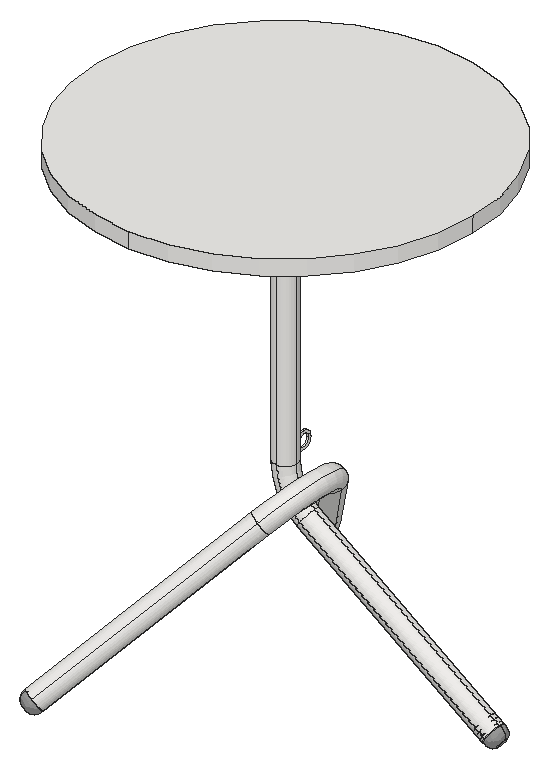
Revit family "FU_Table_Sandler_Momo 1", category Furniture, Revit 2020
Family settings
  OmniClass Number = 23.40.20.00
  OmniClass Title = General Furniture and Specialties
  Work Plane-Based = No
  Always vertical = Yes
  Cut with Voids When Loaded = No
  Shared = No
  Room Calculation Point = No
Parameters (values of type "MOMO TABLE 1-600")
  URL = "https://www.sandlerseating.com/product/momo-table-1-600/"
  Top Type = FU_Table Top_Ta : 600mm Rnd Top
  Top = Metal - Powdercoat - White NCS 0500-N
  Model = "MOMO TABLE 1-600"
  Manufacturer = "Sandler"
  Height = 740 mm
  Frame = Metal - Powdercoat - White NCS 0500-N
  Description = "Dining height table base with 60cm / 24″ diameter folding top. The base is in steel treated with cataphoresis process."
  Default Elevation = 0 mm
Types (5, lengths in mm): name | URL | Top Type | Top | Model | Frame | Description
  (no name) | "https://www.sandlerseating.com/product/momo-table-1-600/" | FU_Table Top_Ta : 600mm Rnd Top | Metal - Powdercoat - White NCS 0500-N | "MOMO TABLE 1-600" | Metal - Powdercoat - White NCS 0500-N | "Dining height table base with 60cm / 24″ diameter folding top. The base is in steel treated with cataphoresis process."
  MOMO TABLE 1-600 | "https://www.sandlerseating.com/product/momo-table-1-600/" | FU_Table Top_Ta : 600mm Rnd Top | Metal - Powdercoat - White NCS 0500-N | "MOMO TABLE 1-600" | Metal - Powdercoat - White NCS 0500-N | "Dining height table base with 60cm / 24″ diameter folding top. The base is in steel treated with cataphoresis process."
  MOMO TABLE 1-700 | "https://www.sandlerseating.com/product/momo-table-1-700/" | FU_Table Top_Ta : 700mm Sqr Top | Metal - Powdercoat - Senf - NCS 2070-Y10R | "MOMO TABLE 1-700" | Metal - Powdercoat - Senf - NCS 2070-Y10R | "Dining height table base with 70cm / 28\". The base is in steel treated with cataphoresis process."
  MOMO TABLE 1Q-600 | "https://www.sandlerseating.com/product/momo-table-1q-600/" | FU_Table Top_Ta-Q : 600mm Sqr Top | Metal - Powdercoat - Dark Green NCS 8010-G10Y | "MOMO TABLE 1Q-600" | Metal - Powdercoat - Dark Green NCS 8010-G10Y | "Dining height table base with 60cm x 60cm / 24″ x 24″ folding top. The base is in steel treated with cataphoresis process."
  MOMO TABLE 1Q-700 | "https://www.sandlerseating.com/product/momo-table-1q-700/" | FU_Table Top_Ta-Q : 700mm Sqr Top | Metal - Powdercoat - Aubergine NCS 5540-Y90R | "MOMO TABLE 1Q-700" | Metal - Powdercoat - Aubergine NCS 5540-Y90R | "Dining height table base with 70cm x 70cm / 28″ x 28″ folding top. The base is in steel treated with cataphoresis process."
Reference planes
  plane 1 "Center (Front/Back)": y = 0
  plane 2: z = 0
  plane 3 "Center (Left/Right)": x = 0
  plane 4 "Right": x = -450
  plane 5 "Left": x = 450
  plane 6 "Back": y = 450
  plane 7 "Front": y = -450
  plane 8 "Height": z = 740
  plane 9 "Base height": z = 716
  plane 10 "Legs C FRONT": through (-166.166, -1524, 17.292) normal (-0.7661, 0, 0.6427)
  plane 11: through (-143.047, -260.076, 1200) normal (-0.7592, 0.6509, 0)
Forms (mm)
  Revolve 1, solid, material "Metal - Powdercoat - White NCS 0500-N" <- "Frame"
    sketch origin (0, 0, -8.364) x (1, 0, 0) y (0, 0, 1)
      loop
        line (-264.8, 724.364) -> (-256.757, 709.294) -> (-251.828, 704.364) -> (-168.655, 685.896) -> (0, 685.896) -> (0, 724.364) -> (-264.8, 724.364)
      axis (0, 724.364) -> (0, 685.896)
    angle from 0 to 360
  Extrusion 2, void
    sketch origin (0, 0, 716) x (-1, 0, 0) y (0, -1, 0)
      loop
        line (201.942, -175.059) -> (112.732, -78.902)
        arc (112.732, -78.902) -> (109.165, -73.056) -> (108.159, -66.282) r 17.222
        line (108.159, -66.282) -> (108.159, 72.69)
        arc (108.159, 72.69) -> (109.53, 79.816) -> (113.448, 85.924) r 19.204
        line (113.448, 85.924) -> (202.439, 182.266) -> (177.636, 205.176) -> (81.282, 115.635)
        arc (81.282, 115.635) -> (75.653, 112.276) -> (69.143, 111.513) r 15.67
        line (69.143, 111.513) -> (-69.143, 111.513)
        arc (-69.143, 111.513) -> (-75.653, 112.276) -> (-81.282, 115.635) r 15.67
        line (-81.282, 115.635) -> (-177.636, 205.176) -> (-202.439, 182.266) -> (-113.448, 85.924)
        arc (-113.448, 85.924) -> (-109.53, 79.816) -> (-108.159, 72.69) r 19.204
        line (-108.159, 72.69) -> (-108.159, -66.282)
        arc (-108.159, -66.282) -> (-109.165, -73.056) -> (-112.732, -78.902) r 17.222
        line (-112.732, -78.902) -> (-201.942, -175.059) -> (-177.703, -199.297) -> (-82.57, -110.587)
        arc (-82.57, -110.587) -> (-76.359, -106.667) -> (-69.143, -105.295) r 19.697
        line (-69.143, -105.295) -> (69.137, -105.295)
        arc (69.137, -105.295) -> (76.356, -106.666) -> (82.57, -110.587) r 19.697
        line (82.57, -110.587) -> (177.703, -199.297) -> (201.942, -175.059)
      loop
        line (-280, 280) -> (-280, -280) -> (280, -280) -> (280, 280) -> (-280, 280)
    from -45 to 0
  Sweep 3, solid, material "Metal - Powdercoat - White NCS 0500-N" <- "Frame"
    path origin (0, 0, 0) x (1, 0, 0) y (0, 0, 1)
      loop
        line (327.164, 18.489) -> (36.213, 220.568)
        arc (36.213, 220.568) -> (9.606, 250.509) -> (0, 289.396) r 83.515
        line (0, 289.396) -> (0, 695.396)
    profile "Pro_Circles : 35mm" origin (181.689, 0, 119.528) x (-0.570453, 0, -0.82133) y (0, -1, 0)
      loop
        arc (-17.467, 0.067) -> (-12.418, -12.323) -> (-0.066, -17.467) r 17.401
        arc (-0.066, -17.467) -> (12.371, -12.371) -> (17.467, 0.067) r 17.401
        arc (17.467, 0.067) -> (12.323, 12.418) -> (-0.067, 17.467) r 17.4
        arc (-0.067, 17.467) -> (-12.37, 12.37) -> (-17.467, 0.067) r 17.4
  Sweep 4, solid, material "Metal - Powdercoat - White NCS 0500-N" <- "Frame"
    path origin (-106.045, 0, 88.959) x (-0.642691, 0, -0.766126) y (0, -1, 0)
      loop
        line (92.044, 285.976) -> (-193.747, 71.734)
        arc (-193.747, 71.734) -> (-229.624, 0) -> (-193.747, -71.734) r 89.652
        line (-193.747, -71.734) -> (92.044, -285.976)
    profile "Pro_Circles : 35mm" origin (-73.363, -178.855, 127.918) x (-0.385499, 0.800135, -0.459537) y (-0.766126, 0, 0.642691)
      loop
        arc (-17.467, 0.067) -> (-12.418, -12.323) -> (-0.066, -17.467) r 17.401
        arc (-0.066, -17.467) -> (12.371, -12.371) -> (17.467, 0.067) r 17.401
        arc (17.467, 0.067) -> (12.323, 12.418) -> (-0.067, 17.467) r 17.4
        arc (-0.067, 17.467) -> (-12.37, 12.37) -> (-17.467, 0.067) r 17.4
  Extrusion 5, solid, material "Metal - Powdercoat - White NCS 0500-N" <- "Frame"
    sketch origin (0, 0, 0) x (0, 1, 0) y (0, 0, 1)
      loop
        line (16.217, 315.041) -> (16.217, 289.396) -> (35.058, 289.396)
        arc (35.058, 289.396) -> (43.543, 292.911) -> (47.058, 301.396) r 12
        line (47.058, 301.396) -> (47.058, 303.041)
        arc (47.058, 303.041) -> (43.543, 311.527) -> (35.058, 315.041) r 12
        line (35.058, 315.041) -> (16.217, 315.041)
      loop
        circle (34.235, 302.219) r 10
    from -1.242 to 1.8
  Revolve 6, solid, material "Rubber, Black"
    sketch origin (0, 0, 0) x (1, 0, 0) y (0, 0, 1)
      loop
        line (311.024, 29.78) -> (303.314, 18.759) -> (303.914, 15.387) -> (307.574, 20.618) -> (310.82, 18.347) -> (308.551, 15.105) -> (309.158, 11.698) -> (312.827, 16.942) -> (316.073, 14.672) -> (313.794, 11.415) -> (314.401, 8.009) -> (318.08, 13.267) -> (321.726, 10.716) -> (317.779, 5.075)
        arc (317.779, 5.075) -> (317.683, 4.669) -> (317.892, 4.308) r 0.564
        arc (317.892, 4.308) -> (326.886, 0.034) -> (336.519, 2.557) r 14.522
        line (336.519, 2.557) -> (340.927, 8.858) -> (311.024, 29.78)
      axis (311.024, 29.78) -> (340.927, 8.858)
    angle from 0 to 360
  Revolve 7, solid, material "Rubber, Black"
    sketch origin (48.015, 37.077, 0) x (-0.650907, 0.759158, 0) y (0, 0, 1)
      loop
        line (311.024, 29.78) -> (303.314, 18.759) -> (303.914, 15.387) -> (307.574, 20.618) -> (310.82, 18.347) -> (308.551, 15.105) -> (309.158, 11.698) -> (312.827, 16.942) -> (316.073, 14.672) -> (313.794, 11.415) -> (314.401, 8.009) -> (318.08, 13.267) -> (321.726, 10.716) -> (317.779, 5.075)
        arc (317.779, 5.075) -> (317.683, 4.669) -> (317.892, 4.308) r 0.564
        arc (317.892, 4.308) -> (326.886, 0.034) -> (336.519, 2.557) r 14.522
        line (336.519, 2.557) -> (340.927, 8.858) -> (311.024, 29.78)
      axis (311.024, 29.78) -> (340.927, 8.858)
    angle from 0 to 360
  Revolve 8, solid, material "Rubber, Black"
    sketch origin (48.015, -37.077, 0) x (-0.650907, -0.759158, 0) y (0, 0, -1)
      loop
        line (311.024, -29.78) -> (340.927, -8.858) -> (336.519, -2.557)
        arc (336.519, -2.557) -> (326.886, -0.034) -> (317.892, -4.308) r 14.522
        arc (317.892, -4.308) -> (317.683, -4.669) -> (317.779, -5.075) r 0.564
        line (317.779, -5.075) -> (321.726, -10.716) -> (318.08, -13.267) -> (314.401, -8.009) -> (313.794, -11.415) -> (316.073, -14.672) -> (312.827, -16.942) -> (309.158, -11.698) -> (308.551, -15.105) -> (310.82, -18.347) -> (307.574, -20.618) -> (303.914, -15.387) -> (303.314, -18.759) -> (311.024, -29.78)
      axis (311.024, -29.78) -> (340.927, -8.858)
    angle from 0 to 360
  Extrusion 9, solid, material "Metal - Powdercoat - White NCS 0500-N" <- "Frame"
    sketch origin (0, 0, 716) x (-0.707107, -0.707107, 0) y (0.707107, -0.707107, 0)
      loop
        line (46.85, -55.555) -> (184.329, -55.555)
        arc (184.329, -55.555) -> (196.49, -43.394) -> (184.329, -31.233) r 12.161
        line (184.329, -31.233) -> (59.228, -31.233)
        arc (59.228, -31.233) -> (55.401, -30.472) -> (52.157, -28.305) r 10
        line (52.157, -28.305) -> (33.094, -9.242) -> (14.745, -27.591) -> (39.779, -52.626)
        arc (39.779, -52.626) -> (43.023, -54.794) -> (46.85, -55.555) r 10
    from 0 to -40
  Extrusion 10, void
    sketch origin (0, 0, -26.486) x (0.707107, 0.707107, 0) y (0, 0, 1)
      loop
        line (-203.221, 736.055) -> (-203.221, 701.532) -> (-149.025, 701.532)
        arc (-149.025, 701.532) -> (-147.227, 702.309) -> (-146.562, 704.151) r 2.467
        arc (-146.562, 704.151) -> (-146.108, 705.763) -> (-144.587, 706.464) r 2
        line (-144.587, 706.464) -> (-7.409, 706.464) -> (-7.409, 721.259) -> (-144.587, 721.259)
        arc (-144.587, 721.259) -> (-146.001, 721.845) -> (-146.587, 723.259) r 2
        line (-146.587, 723.259) -> (-146.587, 733.597)
        arc (-146.587, 733.597) -> (-147.307, 735.335) -> (-149.045, 736.055) r 2.458
        line (-149.045, 736.055) -> (-203.221, 736.055)
      loop
        line (-207.304, 742.486) -> (-207.304, 697.486) -> (-4.874, 697.486) -> (-4.874, 742.486) -> (-207.304, 742.486)
    from -60 to -7
Cuts and joins
  Extrusion 2 cuts Revolve 1
  joined: Sweep 3, Extrusion 5
  Extrusion 10 cuts Extrusion 9
Dimensions and locks
  equal spacing: plane 4 "Right", plane 3 "Center (Left/Right)", plane 5 "Left"
  plane 4 "Right" to plane 5 "Left" = 900 mm
  equal spacing: plane 6 "Back", plane 1 "Center (Front/Back)", plane 7 "Front"
  plane 6 "Back" to plane 7 "Front" = 900 mm
  "Height": plane 8 "Height" to level
  plane 9 "Base height" to level = 716 mm
  aligned and locked: level to plane 2
  aligned and locked: cut or joined group of Revolve 1, Extrusion 2 to plane 9 "Base height"  (x2)
  aligned and locked: plane 9 "Base height" to Extrusion 10
  aligned and locked: plane 9 "Base height" to Extrusion 9
Automatic sketch dimensions
  Revolve 1 sketch curve to plane 3 "Center (Left/Right)" = 0 mm  (x2)
  Revolve 1 sketch curve to plane 9 "Base height" = 38.469 mm
  Revolve 1 sketch curve to plane 3 "Center (Left/Right)" = 168.655 mm
  Revolve 1 sketch curve to plane 9 "Base height" = 20 mm
  Revolve 1 sketch curve to Revolve 1 sketch curve = 83.173 mm
  Revolve 1 sketch curve to plane 9 "Base height" = 15.07 mm
  Revolve 1 sketch curve to Revolve 1 sketch curve = 4.93 mm
  plane 9 "Base height" to Revolve 1 sketch curve = 0 mm
  Revolve 1 sketch curve to Revolve 1 sketch curve = 8.043 mm
  Revolve 1 sketch curve to Revolve 1 sketch curve = 26.531 mm
  plane 8 "Height" to Revolve 1 sketch curve = 10 mm
  Sweep 3 sketch curve to plane 3 "Center (Left/Right)" = 0 mm
  plane 3 "Center (Left/Right)" to Sweep 3 sketch curve = 36.213 mm
  Sweep 3 sketch curve to Sweep 3 sketch curve = 83.515 mm
  level to Sweep 3 sketch curve = 220.568 mm
  level to Sweep 3 sketch curve = 18.489 mm
  plane 5 "Left" to Sweep 3 sketch curve = 122.836 mm
  Sweep 3 sketch curve to plane 9 "Base height" = 20.604 mm
  plane 1 "Center (Front/Back)" to Sweep 4 sketch curve = 0 mm
  plane 1 "Center (Front/Back)" to Sweep 4 sketch curve = 71.734 mm
  Sweep 4 sketch curve to plane 1 "Center (Front/Back)" = 71.734 mm
  Sweep 4 sketch curve to Sweep 4 sketch curve = 53.775 mm
  Sweep 4 sketch curve to plane 6 "Back" = 164.024 mm
  Sweep 4 sketch curve to Sweep 4 sketch curve = 285.791 mm  (x2)
  plane 7 "Front" to Sweep 4 sketch curve = 164.024 mm
  Extrusion 5 sketch curve to plane 1 "Center (Front/Back)" = 16.217 mm
  Extrusion 5 sketch curve to Extrusion 5 sketch curve = 18.018 mm
  Extrusion 5 sketch curve to Extrusion 5 sketch curve = 0.823 mm  (x3)
  Extrusion 5 sketch curve to Extrusion 5 sketch curve = 12 mm
  level to Extrusion 5 sketch curve = 289.396 mm
  Extrusion 5 sketch curve to Extrusion 5 sketch curve = 1.645 mm
  level to Revolve 6 sketch curve = 18.759 mm
  plane 5 "Left" to Revolve 6 sketch curve = 146.686 mm
  level to Revolve 6 sketch curve = 15.387 mm
  Revolve 6 sketch curve to Revolve 6 sketch curve = 0.601 mm
  level to Revolve 6 sketch curve = 20.618 mm
  Revolve 6 sketch curve to Revolve 6 sketch curve = 4.26 mm
  level to Revolve 6 sketch curve = 15.105 mm
  Revolve 6 sketch curve to Revolve 6 sketch curve = 4.637 mm
  level to Revolve 6 sketch curve = 11.698 mm
  Revolve 6 sketch curve to Revolve 6 sketch curve = 0.607 mm  (x2)
  level to Revolve 6 sketch curve = 29.78 mm  (x2)
  Revolve 6 sketch curve to Revolve 6 sketch curve = 3.45 mm
  level to Revolve 6 sketch curve = 16.942 mm
  Revolve 6 sketch curve to Revolve 6 sketch curve = 2.008 mm  (x2)
  level to Revolve 6 sketch curve = 11.415 mm
  Revolve 6 sketch curve to Revolve 6 sketch curve = 4.636 mm
  level to Revolve 6 sketch curve = 8.009 mm
  level to Revolve 6 sketch curve = 5.075 mm
  Revolve 6 sketch curve to Revolve 6 sketch curve = 3.378 mm
  level to Revolve 6 sketch curve = 13.267 mm
  Revolve 6 sketch curve to Revolve 6 sketch curve = 0.462 mm
  Revolve 6 sketch curve to Revolve 6 sketch curve = 6.52 mm
  level to Revolve 6 sketch curve = 2.557 mm
  Revolve 6 sketch curve to Revolve 6 sketch curve = 8.273 mm
  Revolve 6 sketch curve to Revolve 6 sketch curve = 0.323 mm
  Revolve 6 sketch curve to Revolve 6 sketch curve = 3.775 mm
  Revolve 6 sketch curve to Revolve 6 sketch curve = 0 mm  (x2)
  level to Revolve 6 sketch curve = 8.858 mm
  level to Revolve 7 sketch curve = 18.759 mm
  level to Revolve 7 sketch curve = 15.387 mm
  Revolve 7 sketch curve to Revolve 7 sketch curve = 0.601 mm
  level to Revolve 7 sketch curve = 20.618 mm
  Revolve 7 sketch curve to Revolve 7 sketch curve = 4.26 mm
  level to Revolve 7 sketch curve = 15.105 mm
  Revolve 7 sketch curve to Revolve 7 sketch curve = 4.637 mm
  level to Revolve 7 sketch curve = 11.698 mm
  Revolve 7 sketch curve to Revolve 7 sketch curve = 0.607 mm  (x2)
  level to Revolve 7 sketch curve = 29.78 mm  (x2)
  Revolve 7 sketch curve to Revolve 7 sketch curve = 3.45 mm
  level to Revolve 7 sketch curve = 16.942 mm
  Revolve 7 sketch curve to Revolve 7 sketch curve = 2.008 mm  (x2)
  level to Revolve 7 sketch curve = 11.415 mm
  Revolve 7 sketch curve to Revolve 7 sketch curve = 4.636 mm
  level to Revolve 7 sketch curve = 8.009 mm
  level to Revolve 7 sketch curve = 5.075 mm
  Revolve 7 sketch curve to Revolve 7 sketch curve = 3.378 mm
  level to Revolve 7 sketch curve = 13.267 mm
  Revolve 7 sketch curve to Revolve 7 sketch curve = 0.462 mm
  Revolve 7 sketch curve to Revolve 7 sketch curve = 6.52 mm
  level to Revolve 7 sketch curve = 2.557 mm
  Revolve 7 sketch curve to Revolve 7 sketch curve = 8.273 mm
  Revolve 7 sketch curve to Revolve 7 sketch curve = 0.323 mm
  Revolve 7 sketch curve to Revolve 7 sketch curve = 3.775 mm
  Revolve 7 sketch curve to Revolve 7 sketch curve = 0 mm  (x2)
  level to Revolve 7 sketch curve = 8.858 mm
  level to Revolve 8 sketch curve = 18.759 mm
  level to Revolve 8 sketch curve = 15.387 mm
  Revolve 8 sketch curve to Revolve 8 sketch curve = 0.601 mm
  level to Revolve 8 sketch curve = 20.618 mm
  Revolve 8 sketch curve to Revolve 8 sketch curve = 4.26 mm
  level to Revolve 8 sketch curve = 15.105 mm
  Revolve 8 sketch curve to Revolve 8 sketch curve = 4.637 mm
  level to Revolve 8 sketch curve = 11.698 mm
  Revolve 8 sketch curve to Revolve 8 sketch curve = 0.607 mm  (x2)
  level to Revolve 8 sketch curve = 29.78 mm  (x2)
  Revolve 8 sketch curve to Revolve 8 sketch curve = 3.45 mm
  level to Revolve 8 sketch curve = 16.942 mm
  Revolve 8 sketch curve to Revolve 8 sketch curve = 2.008 mm  (x2)
  level to Revolve 8 sketch curve = 11.415 mm
  Revolve 8 sketch curve to Revolve 8 sketch curve = 4.636 mm
  level to Revolve 8 sketch curve = 8.009 mm
  level to Revolve 8 sketch curve = 5.075 mm
  Revolve 8 sketch curve to Revolve 8 sketch curve = 3.378 mm
  level to Revolve 8 sketch curve = 13.267 mm
  Revolve 8 sketch curve to Revolve 8 sketch curve = 0.462 mm
  Revolve 8 sketch curve to Revolve 8 sketch curve = 6.52 mm
  level to Revolve 8 sketch curve = 2.557 mm
  Revolve 8 sketch curve to Revolve 8 sketch curve = 8.273 mm
  Revolve 8 sketch curve to Revolve 8 sketch curve = 3.775 mm
  Revolve 8 sketch curve to Revolve 8 sketch curve = 0.323 mm
  Revolve 8 sketch curve to Revolve 8 sketch curve = 0 mm  (x2)
  level to Revolve 8 sketch curve = 8.858 mm
  plane 5 "Left" to Extrusion 2 sketch curve = 170 mm
  Extrusion 2 sketch curve to Extrusion 2 sketch curve = 77.561 mm
  Extrusion 2 sketch curve to Extrusion 2 sketch curve = 78.058 mm
  Extrusion 2 sketch curve to Extrusion 2 sketch curve = 24.238 mm  (x4)
  Extrusion 2 sketch curve to Extrusion 2 sketch curve = 24.802 mm  (x2)
  plane 3 "Center (Left/Right)" to Extrusion 2 sketch curve = 127.363 mm
  plane 3 "Center (Left/Right)" to Extrusion 2 sketch curve = 125.357 mm
  Extrusion 2 sketch curve to Extrusion 2 sketch curve = 13.915 mm
  Extrusion 2 sketch curve to Extrusion 2 sketch curve = 12.625 mm  (x2)
  Extrusion 2 sketch curve to Extrusion 2 sketch curve = 4.573 mm  (x2)
  Extrusion 2 sketch curve to Extrusion 2 sketch curve = 30.162 mm
  Extrusion 2 sketch curve to Extrusion 2 sketch curve = 32.165 mm
  Extrusion 2 sketch curve to Extrusion 2 sketch curve = 10.667 mm
  Extrusion 2 sketch curve to Extrusion 2 sketch curve = 12.14 mm  (x2)
  Extrusion 2 sketch curve to Extrusion 2 sketch curve = 13.427 mm
  Extrusion 2 sketch curve to Extrusion 2 sketch curve = 13.433 mm  (x2)
  Extrusion 2 sketch curve to plane 3 "Center (Left/Right)" = 69.137 mm
  Extrusion 2 sketch curve to plane 3 "Center (Left/Right)" = 69.143 mm
  Extrusion 2 sketch curve to Extrusion 2 sketch curve = 1.472 mm
  Extrusion 2 sketch curve to Extrusion 2 sketch curve = 25.589 mm  (x2)
  Extrusion 2 sketch curve to plane 1 "Center (Front/Back)" = 78.902 mm
  plane 1 "Center (Front/Back)" to Extrusion 2 sketch curve = 85.924 mm
  Extrusion 2 sketch curve to Extrusion 2 sketch curve = 5.289 mm
  Extrusion 2 sketch curve to Extrusion 2 sketch curve = 19.204 mm
  Extrusion 2 sketch curve to Extrusion 2 sketch curve = 96.354 mm
  Extrusion 2 sketch curve to Extrusion 2 sketch curve = 95.133 mm
  Extrusion 2 sketch curve to Extrusion 2 sketch curve = 102.297 mm
  Extrusion 2 sketch curve to plane 1 "Center (Front/Back)" = 105.295 mm
  Extrusion 2 sketch curve to Extrusion 2 sketch curve = 5.291 mm  (x2)
  Extrusion 2 sketch curve to Extrusion 2 sketch curve = 96.157 mm
  Extrusion 2 sketch curve to Extrusion 2 sketch curve = 64.472 mm
  Extrusion 2 sketch curve to Extrusion 2 sketch curve = 80.703 mm
  Extrusion 2 sketch curve to Extrusion 2 sketch curve = 31.685 mm
  Extrusion 2 sketch curve to Extrusion 2 sketch curve = 11.713 mm  (x2)
  plane 1 "Center (Front/Back)" to Extrusion 2 sketch curve = 72.69 mm
  Extrusion 2 sketch curve to Extrusion 2 sketch curve = 4.122 mm  (x2)
  Extrusion 2 sketch curve to Extrusion 2 sketch curve = 96.342 mm  (x2)
  Extrusion 2 sketch curve to Extrusion 2 sketch curve = 97.734 mm
  Extrusion 9 sketch curve to plane 1 "Center (Front/Back)" = 9.084 mm
  Extrusion 9 sketch curve to plane 3 "Center (Left/Right)" = 29.936 mm
  Extrusion 9 sketch curve to Extrusion 9 sketch curve = 18.35 mm
  Extrusion 9 sketch curve to Extrusion 9 sketch curve = 25.035 mm
  Extrusion 9 sketch curve to Extrusion 9 sketch curve = 7.071 mm  (x2)
  Extrusion 9 sketch curve to Extrusion 9 sketch curve = 5.307 mm
  Extrusion 9 sketch curve to Extrusion 9 sketch curve = 125.101 mm
  Extrusion 9 sketch curve to Extrusion 9 sketch curve = 0.713 mm
  Extrusion 9 sketch curve to Extrusion 9 sketch curve = 2.929 mm
  Extrusion 9 sketch curve to Extrusion 9 sketch curve = 12.161 mm
  Extrusion 10 sketch curve to plane 8 "Height" = 69 mm
  Extrusion 10 sketch curve to Extrusion 10 sketch curve = 4.082 mm
  Extrusion 10 sketch curve to plane 8 "Height" = 32.889 mm
  Extrusion 10 sketch curve to Extrusion 10 sketch curve = 54.177 mm
  Extrusion 10 sketch curve to Extrusion 10 sketch curve = 0.02 mm
  Extrusion 10 sketch curve to Extrusion 10 sketch curve = 2.458 mm
  Extrusion 10 sketch curve to Extrusion 10 sketch curve = 4.438 mm
  Extrusion 10 sketch curve to Extrusion 10 sketch curve = 2 mm  (x2)
  Extrusion 10 sketch curve to plane 8 "Height" = 45.227 mm
  Extrusion 10 sketch curve to Extrusion 10 sketch curve = 137.178 mm
  Extrusion 10 sketch curve to Extrusion 10 sketch curve = 2.535 mm
  Extrusion 10 sketch curve to Extrusion 10 sketch curve = 4.046 mm
  Extrusion 10 sketch curve to Extrusion 10 sketch curve = 2.467 mm
  Extrusion 10 sketch curve to Extrusion 10 sketch curve = 0.465 mm
  Extrusion 10 sketch curve to plane 8 "Height" = 24 mm
  radius of Extrusion 5 sketch curve = 10 mm
Nested families
  nested 1: "FU_Table Top_Ta" at (0, 0, 0), type <- "Top Type", Top <- "Top", type "600mm Rnd Top"
    with Top Metal - Powdercoat - White NCS 0500-N
Definition of nested family "FU_Table Top_Ta"
  Parameters (values of type "700mm Sqr Top")
    Width = 700 mm
    URL = "https://www.sandlerseating.com/range/momo/"
    Top [instance] = none
    Model = "Ta 700"
    Manufacturer = "Sandler"
    Elevation = 740 mm
    Description = "700mm / 27.5\" Diameter top for Momo Table"
    Depth = Width  # 700 mm
    Default Elevation = 0 mm
  Types (2, lengths in mm): name | Width | Model | Description | Depth
    600mm Rnd Top | 600 | "Ta 600" | "600mm / 23.6\" Diameter top for Momo Table" | 600
    700mm Sqr Top | 700 | "Ta 700" | "700mm / 27.5\" Diameter top for Momo Table" | 700
  Reference planes
    plane 1 "Center (Front/Back)": y = 0
    plane 2: z = 0
    plane 3 "Center (Left/Right)": x = 0
    plane 4 "Right": x = -350
    plane 5 "Left": x = 350
    plane 6 "Back": y = 350
    plane 7 "Front": y = -350
    plane 8 "Height": z = 740
    plane 9 "Table Thickness": z = 716
  Forms (mm)
    Extrusion 1, solid, material <- "Top"
      sketch origin (0, 0, 740) x (-1, 0, 0) y (0, -1, 0)
        loop
          arc (0, -350) -> (245.412, -249.595) -> (350.03, -5.949) r 350.051
          arc (350.03, -5.949) -> (251.76, 243.296) -> (6.03, 350.051) r 350.051
          arc (6.03, 350.051) -> (-243.215, 251.782) -> (-349.97, 6.052) r 350.051
          arc (-349.97, 6.052) -> (-249.617, -245.331) -> (0, -350) r 350.051
      from 0 to -24
  Dimensions and locks
    equal spacing: plane 4 "Right", plane 3 "Center (Left/Right)", plane 5 "Left"
    "Width": plane 4 "Right" to plane 5 "Left"
    equal spacing: plane 6 "Back", plane 1 "Center (Front/Back)", plane 7 "Front"
    "Depth": plane 6 "Back" to plane 7 "Front"
    "Elevation": plane 8 "Height" to level
    locked: plane 8 "Height" to plane 9 "Table Thickness" at 24
    aligned and locked: level to plane 2
    aligned and locked: plane 6 "Back" to Extrusion 1 sketch curve
    aligned and locked: plane 3 "Center (Left/Right)" to Extrusion 1 sketch curve
    aligned and locked: Extrusion 1 to plane 9 "Table Thickness"
    aligned and locked: plane 8 "Height" to Extrusion 1
  Automatic sketch dimensions
    plane 1 "Center (Front/Back)" to Extrusion 1 sketch curve = 0.051 mm
    Extrusion 1 sketch curve to plane 3 "Center (Left/Right)" = 0.03 mm
    Extrusion 1 sketch curve to Extrusion 1 sketch curve = 0 mm  (x5)
    plane 4 "Right" to Extrusion 1 sketch curve = 0.03 mm
    Extrusion 1 sketch curve to plane 7 "Front" = 0.051 mm
    plane 5 "Left" to Extrusion 1 sketch curve = 0.03 mm
